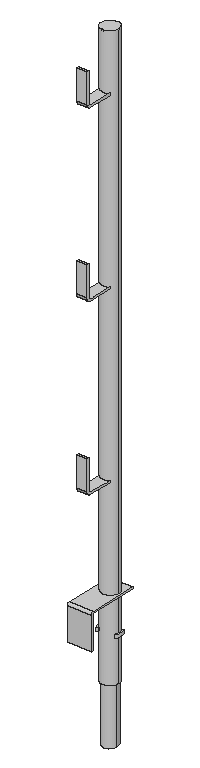
Revit family "HANDRAIL POST 1.5 WOOD_2211185", category Generic Models, Revit 2018
Family settings
  Can host rebar = No
  Round Connector Dimension = Use Diameter
  Part Type = Normal
  OmniClass Number = 35.51.14.00
  OmniClass Title = FORMWORK
  Work Plane-Based = Yes
  Always vertical = No
  Cut with Voids When Loaded = No
  Shared = Yes
  Room Calculation Point = No
Parameters
  VERSION = "20190516"  # constant formula
  URL = "www.ulmaconstruction.com/en"
  UNICLASS = ""
  TOEBOARD HEIGHT [instance] = 230.000 mm
  REAL TOERBOARD HEIGHT [instance] = if(TOEBOARD HEIGHT < MIN LENGTH, MIN LENGTH, if(TOEBOARD HEIGHT < MAX LENGTH, TOEBOARD HEIGHT, MAX LENGTH))  # 230.000 mm
  Manufacturer = "ULMA CONSTRUCTION"  # constant formula
  MIN LENGTH = 133.000 mm  # constant formula
  MAX LENGTH = 520.000 mm  # constant formula
  ITEM_CODE = "2211185"
  FILTER [instance] = ""
  Default Elevation = 0.000 mm
  CLASSIFICATION_TITLE = ""
  CLASSIFICATION_NUMBER = ""
Reference planes
  plane 1 "Centro (Frontal/Posterior)": y = 0
  plane 2: z = 0
  plane 3 "Centro (Izquierda/Derecha)": x = 0
  plane 4 "TOEBOARD HEIGHT": z = 230
  plane 5 "REAL TOEBOARD HEIGHT": z = 230
Forms (mm)
  Extrusion 1, solid, material "ULMA ZINC"
    sketch origin (0, 0, 0) x (1, 0, 0) y (0, 1, 0)
      loop
        circle (0, 0) r 25
    from 0 to 1690
  Extrusion 2, solid, material "ULMA ZINC", detail levels fine
    sketch origin (0, 0, 0) x (1, 0, 0) y (0, 1, 0)
      loop
        circle (0, 0) r 21
    from -165 to 0
  Extrusion 3, solid, material "ULMA ZINC", detail levels fine
    sketch origin (0, 0, -100) x (0, 1, 0) y (0, 0, 1)
      loop
        line (40, 330) -> (40, 334) -> (-103, 334)
        arc (-103, 334) -> (-107.95, 331.95) -> (-110, 327) r 7
        line (-110, 327) -> (-110, 234) -> (-106, 234) -> (-106, 327)
        arc (-106, 327) -> (-105.121, 329.121) -> (-103, 330) r 3
        line (-103, 330) -> (40, 330)
    from -35 to 35
  Extrusion 4, solid, material "ULMA ZINC", detail levels fine
    sketch origin (0, 0, 0) x (1, 0, 0) y (0, 1, 0)
      loop
        line (-21.651, 12.5) -> (-27.713, 16)
        arc (-27.713, 16) -> (-32, 0) -> (-27.713, -16) r 32
        line (-27.713, -16) -> (-21.651, -12.5)
        arc (-21.651, -12.5) -> (-25, 0) -> (-21.651, 12.5) r 25
      loop
        arc (21.651, 12.5) -> (25, 0) -> (21.651, -12.5) r 25
        line (21.651, -12.5) -> (27.713, -16)
        arc (27.713, -16) -> (32, 0) -> (27.713, 16) r 32
        line (27.713, 16) -> (21.651, 12.5)
    from 125 to 133
  Extrusion 5, solid, material "ULMA ZINC", detail levels fine
    sketch origin (0, 0, 0) x (0, 1, 0) y (0, 0, 1)
      loop
        arc (-89, 530) -> (-93.243, 531.757) -> (-95, 536) r 6
        line (-95, 536) -> (-95, 621) -> (-101, 621) -> (-101, 536)
        arc (-101, 536) -> (-97.485, 527.515) -> (-89, 524) r 12
        line (-89, 524) -> (-21, 524) -> (-21, 530) -> (-89, 530)
    from -15 to 15
  Extrusion 6, solid, material "ULMA ZINC", detail levels fine
    sketch origin (0, 0, 500) x (0, 1, 0) y (0, 0, 1)
      loop
        arc (-89, 530) -> (-93.243, 531.757) -> (-95, 536) r 6
        line (-95, 536) -> (-95, 621) -> (-101, 621) -> (-101, 536)
        arc (-101, 536) -> (-97.485, 527.515) -> (-89, 524) r 12
        line (-89, 524) -> (-21, 524) -> (-21, 530) -> (-89, 530)
    from -15 to 15
  Extrusion 7, solid, material "ULMA ZINC", detail levels fine
    sketch origin (0, 0, 1000) x (0, 1, 0) y (0, 0, 1)
      loop
        arc (-89, 530) -> (-93.243, 531.757) -> (-95, 536) r 6
        line (-95, 536) -> (-95, 621) -> (-101, 621) -> (-101, 536)
        arc (-101, 536) -> (-97.485, 527.515) -> (-89, 524) r 12
        line (-89, 524) -> (-21, 524) -> (-21, 530) -> (-89, 530)
    from -15 to 15
Cuts and joins
  joined: Extrusion 4, Extrusion 5, Extrusion 6, Extrusion 7
Dimensions and locks
  "REAL TOERBOARD HEIGHT": plane 5 "REAL TOEBOARD HEIGHT" to plane 2
  "TOEBOARD HEIGHT": plane 4 "TOEBOARD HEIGHT" to plane 2
  locked: Extrusion 5 sketch curve to plane 2 at 524
  locked: Extrusion 5 sketch curve to Extrusion 5 sketch curve at 6
  locked: Extrusion 6 sketch curve to plane 2 at 1024
  locked: Extrusion 6 sketch curve to Extrusion 6 sketch curve at 6
  locked: Extrusion 7 sketch curve to plane 2 at 1524
  locked: Extrusion 7 sketch curve to Extrusion 7 sketch curve at 6
  locked: Extrusion 3 sketch curve to Extrusion 3 sketch curve at 4
  locked: plane 5 "REAL TOEBOARD HEIGHT" to Extrusion 3 sketch curve at 96
  radius of Extrusion 3 sketch curve = 7.000 mm
  radius of Extrusion 3 sketch curve = 3.000 mm
  aligned and locked: level to plane 2
  aligned and locked: Extrusion 3 sketch curve to plane 5 "REAL TOEBOARD HEIGHT"
Automatic sketch dimensions
  plane 1 "Centro (Frontal/Posterior)" to Extrusion 1 sketch curve = 0.000 mm
  Extrusion 1 sketch curve to plane 3 "Centro (Izquierda/Derecha)" = 0.000 mm
  plane 1 "Centro (Frontal/Posterior)" to Extrusion 2 sketch curve = 0.000 mm
  Extrusion 2 sketch curve to plane 3 "Centro (Izquierda/Derecha)" = 0.000 mm
  Extrusion 4 sketch curve to Extrusion 4 sketch curve = 0.000 mm  (x12)
  plane 1 "Centro (Frontal/Posterior)" to Extrusion 4 sketch curve = 0.000 mm
  Extrusion 4 sketch curve to plane 3 "Centro (Izquierda/Derecha)" = 0.000 mm
  Extrusion 4 sketch curve to plane 3 "Centro (Izquierda/Derecha)" = 21.651 mm  (x2)
  plane 1 "Centro (Frontal/Posterior)" to Extrusion 4 sketch curve = 12.500 mm  (x2)
  Extrusion 4 sketch curve to Extrusion 4 sketch curve = 6.062 mm  (x4)
  Extrusion 4 sketch curve to plane 1 "Centro (Frontal/Posterior)" = 16.000 mm
  plane 3 "Centro (Izquierda/Derecha)" to Extrusion 4 sketch curve = 21.651 mm  (x2)
  plane 1 "Centro (Frontal/Posterior)" to Extrusion 4 sketch curve = 16.000 mm
  Extrusion 5 sketch curve to Extrusion 5 sketch curve = 0.000 mm  (x2)
  plane 1 "Centro (Frontal/Posterior)" to Extrusion 5 sketch curve = 101.000 mm
  Extrusion 5 sketch curve to Extrusion 5 sketch curve = 6.000 mm
  plane 1 "Centro (Frontal/Posterior)" to Extrusion 5 sketch curve = 21.000 mm
  Extrusion 5 sketch curve to Extrusion 5 sketch curve = 85.000 mm
  Extrusion 6 sketch curve to Extrusion 6 sketch curve = 0.000 mm  (x2)
  plane 1 "Centro (Frontal/Posterior)" to Extrusion 6 sketch curve = 101.000 mm
  Extrusion 6 sketch curve to Extrusion 6 sketch curve = 6.000 mm
  plane 1 "Centro (Frontal/Posterior)" to Extrusion 6 sketch curve = 21.000 mm
  Extrusion 6 sketch curve to Extrusion 6 sketch curve = 85.000 mm
  Extrusion 7 sketch curve to Extrusion 7 sketch curve = 0.000 mm  (x2)
  plane 1 "Centro (Frontal/Posterior)" to Extrusion 7 sketch curve = 101.000 mm
  Extrusion 7 sketch curve to Extrusion 7 sketch curve = 6.000 mm
  plane 1 "Centro (Frontal/Posterior)" to Extrusion 7 sketch curve = 21.000 mm
  Extrusion 7 sketch curve to Extrusion 7 sketch curve = 85.000 mm
  Extrusion 3 sketch curve to Extrusion 3 sketch curve = 143.000 mm
  Extrusion 3 sketch curve to Extrusion 3 sketch curve = 0.000 mm
  plane 1 "Centro (Frontal/Posterior)" to Extrusion 3 sketch curve = 110.000 mm
  radius of Extrusion 1 sketch curve = 25.000 mm
  radius of Extrusion 2 sketch curve = 21.000 mm
